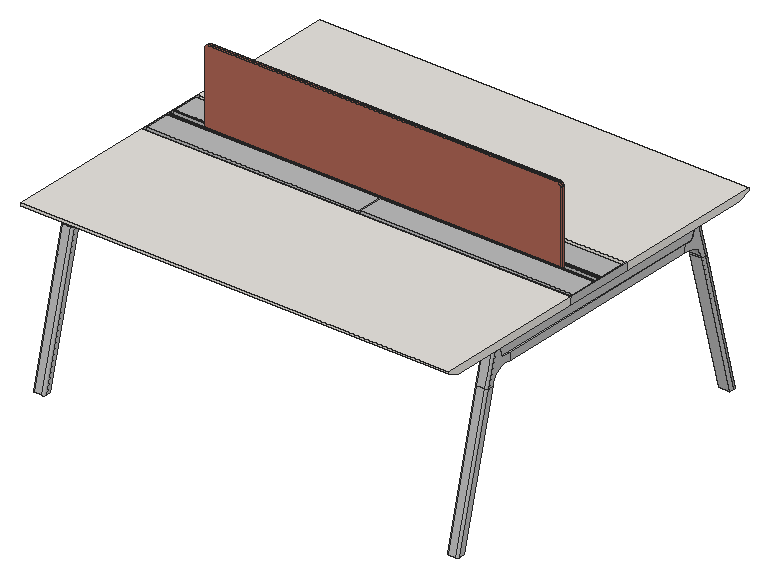
Revit family "Haworth_Intuity_Benching_DoubleSided", category Furniture Systems, Revit 2018
Family settings
  Round Connector Dimension = Use Diameter
  Part Type = Normal
  OmniClass Number = 23.40.70.14.64.21
  OmniClass Title = Systems Furniture
  Work Plane-Based = No
  Always vertical = Yes
  Cut with Voids When Loaded = No
  Shared = No
  Room Calculation Point = No
Parameters (values of type "30d 72w")
  Worksurface Finish = Haworth _ Laminate _ Linen H-WL
  Worksurface Depth = if([60 Depth], 30", 24")  # 30"
  Width = 72"
  Warranty = "http://www.haworth.com/resources/product-info/warranties"
  Utility Tray Yes = yes
  URL - Product = "http://www.haworth.com/products/workspaces/benching/intuity"
  URL = "https://www.haworth.com/na/en.html"
  Top Thickness = 1 3/16"  # constant formula
  Sustainability Info = "https://www.haworth.com/na/en/expertise/sustainability.html"
  Standard Screen Widths = "24, 30, 36, 42, 48, 54, 60 inches"  # constant formula
  Standard Bench Widths = "48, 54, 60, 66, 72 inches"  # constant formula
  Screen Yes [instance] = yes
  Screen Width = 60"
  Screen Height - 21 in. = no
  Screen Height - 13 in. = not([Screen Height - 21 in.])  # yes
  Screen Finish = Haworth _ Fabric _ Tellure _ Geranium 3A-42
  Rail Finish = Haworth _ Paint _ Metallic Silver
  Min Width = 48"  # constant formula
  Min Screen Width = 24"  # constant formula
  Max Width = 72"  # constant formula
  Max Screen Width = 60"  # constant formula
  Leg Right Straight [instance] = no
  Leg Right Shared [instance] = no
  Leg Right Offset [instance] = if(Leg Right Shared, 0", 1 1/4")  # 1 1/4"
  Leg Right None [instance] = not(or(Leg Right Straight, Leg Right Column, Leg Right Angled))  # no
  Leg Right Column [instance] = no
  Leg Right Angled [instance] = yes
  Leg Left Straight [instance] = no
  Leg Left Shared [instance] = no
  Leg Left Offset [instance] = if(Leg Left Shared, 0", 1 1/4")  # 1 1/4"
  Leg Left None [instance] = not(or(Leg Left Straight, Leg Left Column, Leg Left Angled))  # no
  Leg Left Column [instance] = no
  Leg Left Angled [instance] = yes
  Leg Height = 28"  # constant formula
  Leg Half = 1"  # constant formula
  Leg Front Offset [instance] = if(or(Leg Right Angled, Leg Left Angled), 13", 6")  # 13"
  Leg Finish = Haworth _ Paint _ Metallic Silver
  Knife Edge [instance] = or(Leg Right Angled, Leg Left Angled, not(Edgeband))  # yes
  Size = "Verify Final Dim. w/ Haworth"  # constant formula
  Revision Number = "2"  # constant formula
  Model = "Haworth - Intuity - Benching - Double Sided"  # constant formula
  Manufacturer = "Haworth"  # constant formula
  End Cap Right [instance] = and(not(Leg Right Shared), or(Leg Right Straight, Leg Right Angled))  # yes
  End Cap Offset = 1/8"  # constant formula
  End Cap Left [instance] = and(not(Leg Left Shared), or(Leg Left Straight, Leg Left Angled))  # yes
  End Cap Depth Half = if(Access Hatch Yes, 5 29/32", 1 13/32")  # 5 29/32"
  Edgeband Actual [instance] = and(Edgeband, not(or(Leg Right Angled, Leg Left Angled)))  # no
  Edgeband [instance] = no
  Description = "Haworth - Intuity - Benching - Double Sided"  # constant formula
  Custom Size = not(or(Width = 48", Width = 54", Width = 60", Width = 66", Width = 72"))  # no
  Custom Screen Size = not(or(Screen Width = 24", Screen Width = 30", Screen Width = 36", Screen Width = 42", Screen Width = 48", Screen Width = 54", Screen Width = 60"))  # no
  Beam Offset = 16 1/2"  # constant formula
  Beam Height = 2"  # constant formula
  Beam Gap = 9/16"  # constant formula
  Beam Depth = 1 1/4"  # constant formula
  Author = "Haworth (Hampton)"  # constant formula
  Assembly Code = "E2020200"
  Actual Worksurface Depth = if(Access Hatch No, Worksurface Depth, Worksurface Depth - 4 1/2")  # 25 1/2"
  Actual Width = if(Width > Max Width, Max Width, if(Width < Min Width, Min Width, Width))  # 72"
  Actual Screen Width = if(Screen Width > Max Screen Width, Max Screen Width - 1/4", if(Screen Width < Min Screen Width, Min Screen Width - 1/4", Screen Width - 1/4"))  # 59 3/4"
  Actual Height = 29 3/16"  # constant formula
  Actual Depth = if([60 Depth], 62 13/16", 50 13/16")  # 62 13/16"
  Access Plate Offset = 7/8"  # constant formula
  Access Plate Height = 3/8"  # constant formula
  Access Plate Depth = 4 1/4"  # constant formula
  Accent Plate Right [instance] = or(Leg Right Straight, Leg Right Angled)  # yes
  Accent Plate Left [instance] = or(Leg Left Straight, Leg Left Angled)  # yes
  Access Hatch Yes = yes
  Access Hatch No = not(Access Hatch Yes)  # no
  Access Hatch Finish = Haworth _ Paint _ Metallic Silver
  Accent Plate Finish = Haworth _ Paint _ Metallic Silver
  Accent Plate Depth [instance] = Actual Depth - Leg Front Offset * 2  # 36 13/16"
  60 Depth = not([48 Depth])  # yes
  48 Depth = no
Reference planes (in)
  plane 1: z = 0
  plane 2 "Center L/R": x = 8.5
  plane 3 "Left Edge": x = -27.5
  plane 4 "Right Edge": x = 44.5
  plane 5 "Support Top": z = 29.1875
  plane 6 "Center F/B": y = -7.86431
  plane 7 "Back": y = 23.54194
  plane 8 "Front": y = -39.27056
  plane 9 "Left Leg Offset": x = -26.25
  plane 10 "Right Leg Offset": x = 43.25
  plane 11 "Leg Front": y = -26.27056
  plane 12 "Leg Back": y = 10.54194
  plane 13 "End Cap Left": x = -27.375
  plane 14 "End Cap Right": x = 44.375
  plane 15 "End Cap Back": y = -1.95806
  plane 16 "End Cap Front": y = -13.77056
  plane 17: z = 28
  plane 18 "Beam 2": y = -0.86431
  plane 19 "Beam 1": y = 0.38569
  plane 20 "Beam 3": y = -14.86431
  plane 21 "Beam 4": y = -16.11431
  plane 22 "Beam Top": z = 27.4375
  plane 23 "Beam Bottom": z = 25.4375
  plane 24 "Leg Left Inside": x = -25.25
  plane 25 "Leg Right Inside": x = 42.25
  plane 26 "Access Plate Left": x = 8.375
  plane 27 "Access Plate Right": x = 8.625
  plane 28 "Access Plate 4": y = -8.73931
  plane 29 "Access Plate 1": y = -6.98931
  plane 30 "Access Plate 2": y = -2.73931
  plane 31 "Access Plate 3": y = -12.98931
  plane 32 "Access Bottom": z = 28.8125
Forms (in)
  Extrusion 1, solid, material "Haworth _ Paint _ Metallic Silver" <- "Access Hatch Finish", visible <- "End Cap Left"
    sketch origin (0, 0, 0) x (1, 0, 0) y (0, 1, 0)
      loop
        line (-27.5, -1.95806) -> (-27.5, -13.77056) -> (-27.375, -13.77056) -> (-27.375, -1.95806) -> (-27.5, -1.95806)
    from 28 to 29.1875
  Extrusion 2, solid, material "Haworth _ Paint _ Metallic Silver" <- "Access Hatch Finish", visible <- "End Cap Right"
    sketch origin (0, 0, 0) x (1, 0, 0) y (0, 1, 0)
      loop
        line (44.375, -1.95806) -> (44.375, -13.77056) -> (44.5, -13.77056) -> (44.5, -1.95806) -> (44.375, -1.95806)
    from 28 to 29.1875
  Extrusion 3, solid, material "Haworth _ Paint _ Metallic Silver" <- "Leg Finish"
    sketch origin (0, 0, 0) x (1, 0, 0) y (0, 1, 0)
      loop
        line (-25.25, 0.38569) -> (-25.25, -0.86431) -> (42.25, -0.86431) -> (42.25, 0.38569) -> (-25.25, 0.38569)
      loop
        line (-25.25, -14.86431) -> (-25.25, -16.11431) -> (42.25, -16.11431) -> (42.25, -14.86431) -> (-25.25, -14.86431)
    from 25.4375 to 27.4375
  Extrusion 4, solid, material "Haworth _ Paint _ Metallic Silver" <- "Access Hatch Finish", visible <- "Access Hatch Yes"
    sketch origin (0, 0, 0) x (1, 0, 0) y (0, 1, 0)
      loop
        line (-27.375, -2.73931) -> (-27.375, -6.98931) -> (8.375, -6.98931) -> (8.375, -2.73931) -> (-27.375, -2.73931)
      loop
        line (-27.375, -8.73931) -> (-27.375, -12.98931) -> (8.375, -12.98931) -> (8.375, -8.73931) -> (-27.375, -8.73931)
      loop
        line (8.625, -2.73931) -> (8.625, -6.98931) -> (44.375, -6.98931) -> (44.375, -2.73931) -> (8.625, -2.73931)
      loop
        line (8.625, -8.73931) -> (8.625, -12.98931) -> (44.375, -12.98931) -> (44.375, -8.73931) -> (8.625, -8.73931)
    from 28.8125 to 29.1875
Lines and regions (in)
  Masking region 1
    outline origin (0, 0, 0) x (1, 0, 0) y (0, 1, 0)
      loop
        line (-27.5, 23.54194) -> (-27.5, -39.27056) -> (44.5, -39.27056) -> (44.5, 23.54194) -> (-27.5, 23.54194)
  symbolic lines, style "Haworth", visible <- "Access Hatch Yes", detail levels fine
    curve 1: line (8.5, -8.73931, 0) -> (8.5, -13.77056, 0)
    curve 2: line (8.5, -6.98931, 0) -> (8.5, -1.95806, 0)
Dimensions and locks (in)
  "Actual Width": plane 3 "Left Edge" to plane 4 "Right Edge"
  equal spacing: plane 3 "Left Edge", plane 2 "Center L/R", plane 4 "Right Edge"
  "Actual Height": plane 5 "Support Top" to level
  equal spacing: plane 8 "Front", plane 6 "Center F/B", plane 7 "Back"
  "Actual Depth": plane 8 "Front" to plane 7 "Back"
  "Leg Left Offset": plane 3 "Left Edge" to plane 9 "Left Leg Offset"
  "Leg Right Offset": plane 10 "Right Leg Offset" to plane 4 "Right Edge"
  "Leg Front Offset": plane 7 "Back" to plane 12 "Leg Back"
  "Leg Front Offset": plane 8 "Front" to plane 11 "Leg Front"
  "End Cap Offset": plane 14 "End Cap Right" to plane 4 "Right Edge"
  "End Cap Offset": plane 3 "Left Edge" to plane 13 "End Cap Left"
  "End Cap Depth Half": plane 16 "End Cap Front" to plane 6 "Center F/B"
  "End Cap Depth Half": plane 15 "End Cap Back" to plane 6 "Center F/B"
  "Top Thickness": plane 5 "Support Top" to plane 17
  equal spacing: plane 21 "Beam 4", plane 6 "Center F/B", plane 19 "Beam 1"
  "Beam Offset": plane 21 "Beam 4" to plane 19 "Beam 1"
  "Beam Depth": plane 19 "Beam 1" to plane 18 "Beam 2"
  "Beam Depth": plane 21 "Beam 4" to plane 20 "Beam 3"
  "Beam Gap": plane 17 to plane 22 "Beam Top"
  "Beam Height": plane 22 "Beam Top" to plane 23 "Beam Bottom"
  "Leg Half": plane 9 "Left Leg Offset" to plane 24 "Leg Left Inside"
  "Leg Half": plane 25 "Leg Right Inside" to plane 10 "Right Leg Offset"
  "End Cap Offset": plane 26 "Access Plate Left" to plane 2 "Center L/R"
  "End Cap Offset": plane 2 "Center L/R" to plane 27 "Access Plate Right"
  "Access Plate Offset": plane 6 "Center F/B" to plane 28 "Access Plate 4"
  "Access Plate Offset": plane 29 "Access Plate 1" to plane 6 "Center F/B"
  "Access Plate Depth": plane 29 "Access Plate 1" to plane 30 "Access Plate 2"
  "Access Plate Depth": plane 28 "Access Plate 4" to plane 31 "Access Plate 3"
  "Access Plate Height": plane 5 "Support Top" to plane 32 "Access Bottom"
  aligned and locked: Masking region 1 sketch curve to plane 3 "Left Edge"
  aligned and locked: Masking region 1 sketch curve to plane 4 "Right Edge"
  aligned and locked: Masking region 1 sketch curve to plane 7 "Back"
  aligned and locked: Masking region 1 sketch curve to plane 8 "Front"
  aligned and locked: plane 2 "Center L/R" to nested 1
  aligned and locked: plane 8 "Front" to nested 1
  aligned and locked: plane 7 "Back" to nested 2
  aligned and locked: nested 2 to plane 2 "Center L/R"
  aligned and locked: plane 9 "Left Leg Offset" to nested 3
  aligned and locked: nested 6 to plane 10 "Right Leg Offset"
  aligned and locked: plane 11 "Leg Front" to nested 6
  aligned and locked: plane 12 "Leg Back" to nested 4
  aligned and locked: nested 4 to plane 9 "Left Leg Offset"
  aligned and locked: plane 12 "Leg Back" to nested 5
  aligned and locked: plane 10 "Right Leg Offset" to nested 5
  aligned and locked: plane 11 "Leg Front" to nested 7
  aligned and locked: plane 9 "Left Leg Offset" to nested 7
  aligned and locked: plane 12 "Leg Back" to nested 8
  aligned and locked: nested 8 to plane 9 "Left Leg Offset"
  aligned and locked: plane 12 "Leg Back" to nested 10
  aligned and locked: plane 10 "Right Leg Offset" to nested 10
  aligned and locked: plane 11 "Leg Front" to nested 9
  aligned and locked: nested 9 to plane 10 "Right Leg Offset"
  aligned and locked: plane 11 "Leg Front" to nested 3
  aligned and locked: plane 9 "Left Leg Offset" to nested 11
  aligned and locked: plane 6 "Center F/B" to nested 11
  aligned and locked: nested 12 to plane 10 "Right Leg Offset"
  aligned and locked: plane 6 "Center F/B" to nested 12
  aligned and locked: plane 2 "Center L/R" to nested 13
  aligned and locked: plane 6 "Center F/B" to nested 13
  aligned and locked: Extrusion 1 sketch curve to plane 15 "End Cap Back"
  aligned and locked: Extrusion 1 sketch curve to plane 16 "End Cap Front"
  aligned and locked: Extrusion 1 sketch curve to plane 13 "End Cap Left"
  aligned and locked: Extrusion 1 sketch curve to plane 3 "Left Edge"
  aligned and locked: Extrusion 2 sketch curve to plane 15 "End Cap Back"
  aligned and locked: Extrusion 2 sketch curve to plane 16 "End Cap Front"
  aligned and locked: Extrusion 2 sketch curve to plane 14 "End Cap Right"
  aligned and locked: Extrusion 2 sketch curve to plane 4 "Right Edge"
  aligned and locked: plane 5 "Support Top" to Extrusion 1
  aligned and locked: plane 5 "Support Top" to Extrusion 2
  aligned and locked: Extrusion 2 to plane 17
  aligned and locked: Extrusion 1 to plane 17
  aligned and locked: plane 24 "Leg Left Inside" to Extrusion 3 sketch curve  (x2)
  aligned and locked: plane 25 "Leg Right Inside" to Extrusion 3 sketch curve  (x2)
  aligned and locked: Extrusion 3 sketch curve to plane 19 "Beam 1"
  aligned and locked: plane 18 "Beam 2" to Extrusion 3 sketch curve
  aligned and locked: plane 20 "Beam 3" to Extrusion 3 sketch curve
  aligned and locked: Extrusion 3 sketch curve to plane 21 "Beam 4"
  aligned and locked: plane 22 "Beam Top" to Extrusion 3
  aligned and locked: Extrusion 3 to plane 23 "Beam Bottom"
  aligned and locked: plane 31 "Access Plate 3" to Extrusion 4 sketch curve  (x2)
  aligned and locked: Extrusion 4 sketch curve to plane 28 "Access Plate 4"  (x2)
  aligned and locked: Extrusion 4 sketch curve to plane 29 "Access Plate 1"  (x2)
  aligned and locked: plane 30 "Access Plate 2" to Extrusion 4 sketch curve  (x2)
  aligned and locked: Extrusion 4 sketch curve to plane 27 "Access Plate Right"  (x2)
  aligned and locked: Extrusion 4 sketch curve to plane 26 "Access Plate Left"  (x2)
  aligned and locked: plane 14 "End Cap Right" to Extrusion 4 sketch curve  (x2)
  aligned and locked: plane 13 "End Cap Left" to Extrusion 4 sketch curve  (x2)
  aligned and locked: plane 5 "Support Top" to Extrusion 4
  aligned and locked: Extrusion 4 to plane 32 "Access Bottom"
  aligned and locked: curve 1 to plane 2 "Center L/R"
  aligned and locked: plane 28 "Access Plate 4" to curve 1
  aligned and locked: plane 2 "Center L/R" to curve 2
  aligned and locked: plane 29 "Access Plate 1" to curve 2
  aligned and locked: plane 15 "End Cap Back" to curve 2
  aligned and locked: plane 16 "End Cap Front" to curve 1
  aligned and locked: plane 2 "Center L/R" to nested 14
  aligned and locked: nested 14 to plane 6 "Center F/B"
  aligned and locked: plane 6 "Center F/B" to nested 15
  aligned and locked: plane 6 "Center F/B" to nested 16
  aligned and locked: nested 16 to plane 10 "Right Leg Offset"
  aligned and locked: plane 9 "Left Leg Offset" to nested 15
  aligned and locked: plane 6 "Center F/B" to nested 17
Nested families (in)
  nested 1: "Haworth_Intuity_Worksurfaces" at (0, -18.65625, 28), built-in parameter 1001364 <- "Leg Height", type "Top"
    with Knife Edge Void End 78", Actual Width 72", Actual Depth 25 1/2"
  nested 2: "Haworth_Intuity_Worksurfaces" at (17, 2.92763, 28) x (-1, 0, 0) z (0, 0, 1), built-in parameter 1001364 <- "Leg Height", type "Top"
    with Knife Edge Void End 78", Actual Width 72", Actual Depth 25 1/2"
  nested 3: "Haworth_Intuity_Angled_Leg" at (-34.75, -18.40625, 0), visible <- "Leg Left Angled", type "Support"
  nested 4: "Haworth_Intuity_Angled_Leg" at (-17.75, 2.67763, 0) x (-1, 0, 0) z (0, 0, 1), visible <- "Leg Left Angled", type "Support"
  nested 5: "Haworth_Intuity_Angled_Leg" at (51.75, 2.67763, 0) x (-1, 0, 0) z (0, 0, 1), visible <- "Leg Right Angled", type "Support"
  nested 6: "Haworth_Intuity_Angled_Leg" at (34.75, -18.40625, 0), visible <- "Leg Right Angled", type "Support"
  nested 7: "Haworth_Intuity_Straight_Leg" at (-34.75, -18.40625, 0), visible <- "Leg Left Straight", type "Support"
  nested 8: "Haworth_Intuity_Straight_Leg" at (-17.75, 2.67763, 0) x (-1, 0, 0) z (0, 0, 1), visible <- "Leg Left Straight", type "Support"
  nested 9: "Haworth_Intuity_Straight_Leg" at (34.75, -18.40625, 0), visible <- "Leg Right Straight", type "Support"
  nested 10: "Haworth_Intuity_Straight_Leg" at (51.75, 2.67763, 0) x (-1, 0, 0) z (0, 0, 1), visible <- "Leg Right Straight", type "Support"
  nested 11: "Haworth_Intuity_Accent_Plate" at (-34.75, 2.78125, 0), visible <- "Accent Plate Left", type "Support"
    with Support Depth 36 13/16"
  nested 12: "Haworth_Intuity_Accent_Plate" at (34.75, 2.78125, 0), visible <- "Accent Plate Right", type "Support"
    with Support Depth 36 13/16"
  nested 13: "Haworth_Intuity_Rail" at (0, 2.78125, 0), Right Shared Leg <- "Leg Right Shared", Left Shared Leg <- "Leg Left Shared", type "Rail"
    with Right Shared Leg no, Right Offset 1/8", Left Shared Leg no, Left Offset 1/8", Worsurface Length 72"
  nested 14: "Haworth_Intuity_Utility_Tray" at (0, 13.375, -0.3125), visible <- "Utility Tray Yes", type "Tray"
  nested 15: "Haworth_Intuity_Column_Leg" at (-34.75, 2.78125, 0), visible <- "Leg Left Column", type "Support"
  nested 16: "Haworth_Intuity_Column_Leg" at (34.75, 2.78125, 0), visible <- "Leg Right Column", type "Support"
  nested 17: "Haworth_Intuity_Screens" at (0, 0, 28.25), visible <- "Screen Yes", type "Screen"
    with Actual Height 13 13/32", 21 H no, 13 H yes
Definition of nested family "Haworth_Intuity_Worksurfaces"
  Parameters
    Warranty = "http://www.haworth.com/bottom-nav/product-info/warranty-info"
    URL - Product = "http://www.haworth.com/home/systems/benching/intuity"
    URL = "www.haworth.com"
    Knife Edge Void Start = 3"  # constant formula
    Knife Edge Void End = if(Knife Edge, Actual Width + 6", 2")  # 54"
    Knife Edge = not(Edgeband)  # yes
    Finish = none
    Size = "Verify Final Dim. w/ Haworth"  # constant formula
    Revision Number = "1"  # constant formula
    Model = "Haworth_Intuity_Worksurfaces"  # constant formula
    Manufacturer = "Haworth"  # constant formula
    Edgeband = no
    Description = "Haworth_Intuity_Worksurfaces"
    Author = "Haworth (Hampton)"  # constant formula
    Assembly Code = "E2020200"
    Actual Width = 48"
    Actual Height = 1 3/16"  # constant formula
    Actual Depth = 24"
  Reference planes (in)
    plane 1: z = 0
    plane 2 "Center L/R": x = 8.5
    plane 3 "Left Edge": x = -15.5
    plane 4 "Right Edge": x = 32.5
    plane 5 "Support Top": z = 1.1875
    plane 6 "Center F/B": y = -7.86431
    plane 7 "Back": y = 4.13569
    plane 8 "Front": y = -19.86431
    plane 9 "Knife Edge": y = -17.86431
    plane 10 "Knife Edge Seam": z = 0.8125
    plane 11 "Void Left": x = -18.5
    plane 12 "Void Right": x = 35.5
  Forms (in)
    Extrusion 1, solid, material <- "Finish"
      sketch origin (0, 0, 0) x (1, 0, 0) y (0, 1, 0)
        loop
          line (-15.5, 4.13569) -> (-15.5, -19.86431) -> (32.5, -19.86431) -> (32.5, 4.13569) -> (-15.5, 4.13569)
      from 0 to 1.1875
    Extrusion 2, void
      sketch origin (-15.5, 0, 0) x (0, -1, 0) y (0, 0, 1)
        loop
          line (17.86431, 0) -> (17.86431, -0.31399) -> (20.36431, -0.31399) -> (20.36431, 0.8125) -> (19.86431, 0.8125) -> (17.86431, 0)
      from -51 to 3
  Cuts and joins
    Extrusion 2 cuts Extrusion 1
  Lines and regions (in)
    Masking region 1
      outline origin (0, 0, 0) x (1, 0, 0) y (0, 1, 0)
        loop
          line (-15.5, 4.13569) -> (-15.5, -19.86431) -> (32.5, -19.86431) -> (32.5, 4.13569) -> (-15.5, 4.13569)
    symbolic lines
      curve 1: line (-15.5, 4.13569, 0) -> (-15.5, -19.86431, 0)
      curve 2: line (-15.5, -19.86431, 0) -> (32.5, -19.86431, 0)
      curve 3: line (32.5, -19.86431, 0) -> (32.5, 4.13569, 0)
      curve 4: line (32.5, 4.13569, 0) -> (-15.5, 4.13569, 0)
  Dimensions and locks (in)
    "Actual Width": plane 3 "Left Edge" to plane 4 "Right Edge"
    equal spacing: plane 3 "Left Edge", plane 2 "Center L/R", plane 4 "Right Edge"
    "Actual Height": plane 5 "Support Top" to level
    equal spacing: plane 8 "Front", plane 6 "Center F/B", plane 7 "Back"
    "Actual Depth": plane 8 "Front" to plane 7 "Back"
    locked: plane 8 "Front" to plane 9 "Knife Edge" at 2
    locked: plane 5 "Support Top" to plane 10 "Knife Edge Seam" at 0.375
    "Knife Edge Void Start": plane 11 "Void Left" to plane 3 "Left Edge"
    "Knife Edge Void End": plane 11 "Void Left" to plane 12 "Void Right"
    aligned and locked: Masking region 1 sketch curve to plane 3 "Left Edge"
    aligned and locked: Masking region 1 sketch curve to plane 4 "Right Edge"
    aligned and locked: Masking region 1 sketch curve to plane 7 "Back"
    aligned and locked: Masking region 1 sketch curve to plane 8 "Front"
    aligned and locked: Extrusion 1 sketch curve to plane 4 "Right Edge"
    aligned and locked: Extrusion 1 sketch curve to plane 3 "Left Edge"
    aligned and locked: Extrusion 1 sketch curve to plane 7 "Back"
    aligned and locked: Extrusion 1 sketch curve to plane 8 "Front"
    aligned and locked: Extrusion 1 to plane 1
    aligned and locked: plane 5 "Support Top" to Extrusion 1
    aligned and locked: cut or joined group of Extrusion 1, Extrusion 2 to plane 12 "Void Right"
    aligned and locked: plane 11 "Void Left" to Extrusion 2
    aligned and locked: plane 4 "Right Edge" to curve 3
    aligned and locked: plane 7 "Back" to curve 4
    aligned and locked: plane 3 "Left Edge" to curve 1
    aligned and locked: plane 8 "Front" to curve 2
  Automatic sketch dimensions
    Extrusion 2 sketch curve to level = 0"
    Extrusion 2 sketch curve to plane 9 "Knife Edge" = 0"
    Extrusion 2 sketch curve to plane 8 "Front" = 0"
    Extrusion 2 sketch curve to plane 10 "Knife Edge Seam" = 0"
    plane 8 "Front" to Extrusion 2 sketch curve = 1/2"
    Extrusion 2 sketch curve to level = 0.31399"
Definition of nested family "Haworth_Intuity_Angled_Leg"
  Parameters
    URL = "www.haworth.com"
    Support Thickness = 2"  # constant formula
    Support Inset = 1/4"  # constant formula
    Support Height = 28"  # constant formula
    Support Finish = none
    Size = "Verify Final Dim. w/ Haworth"  # constant formula
    Revision Number = "1"  # constant formula
    Model = "Haworth_Intuity_Angled_Leg"  # constant formula
    Manufacturer = "Haworth"  # constant formula
    Description = "Haworth_Intuity_Angled_Leg"
    Author = "Haworth (Hampton)"  # constant formula
    Assembly Code = "E2020200"
    Actual Depth = 10 3/4"  # constant formula
  Reference planes (in)
    plane 1: z = 0
    plane 2 "Center L/R": x = 8.5
    plane 3 "Support Left Edge": x = 7.5
    plane 4 "Support Right Edge": x = 9.5
    plane 5 "Support Top": z = 28
    plane 6 "Center F/B": y = -7.86431
    plane 7 "Inset Left": x = 7.75
    plane 8 "Inset Right": x = 9.25
    plane 9 "Front": y = -18.60273
  Forms (in)
    Extrusion 1, solid, material <- "Support Finish"
      sketch origin (7.5, 0, 0) x (0, -1, 0) y (0, 0, 1)
        loop
          line (18.60273, 0) -> (12.61969, 22.70402) -> (11.40102, 22.70402) -> (17.38407, 0) -> (18.60273, 0)
      from -2 to 0
    Extrusion 2, solid, material <- "Support Finish"
      sketch origin (7.5, 0, 0) x (0, -1, 0) y (0, 0, 1)
        loop
          line (12.61969, 22.70402) -> (11.20064, 28) -> (9.99113, 28) -> (9.63452, 26.66908)
          arc (9.63452, 26.66908) -> (9.41129, 26.335) -> (9.03081, 26.20584) r 0.625
          line (9.03081, 26.20584) -> (7.86431, 26.20584) -> (7.86431, 25.0255) -> (8.76475, 25.0255)
          arc (8.76475, 25.0255) -> (10.36275, 24.48305) -> (11.30031, 23.0799) r 2.625
          line (11.30031, 23.0799) -> (11.40102, 22.70402) -> (12.61969, 22.70402)
      from -2 to 0
    Extrusion 3, void
      sketch origin (0, -0.61412, -4.74042) x (1, 0, 0) y (0, 0.966987, -0.254824)
        loop
          line (9.125, -18.60273) -> (7.875, -18.60273)
          arc (7.875, -18.60273) -> (7.60983, -18.4929) -> (7.5, -18.22773) r 0.375
          line (7.5, -18.22773) -> (7.18721, -18.74452) -> (9.81279, -18.74452) -> (9.5, -18.22773)
          arc (9.5, -18.22773) -> (9.39017, -18.4929) -> (9.125, -18.60273) r 0.375
      from 0 to 30.3576
  Cuts and joins
    Extrusion 3 cuts Extrusion 1
    Extrusion 3 cuts Extrusion 2
  Lines and regions (in)
    symbolic lines, detail levels medium+fine
      curve 1: line (7.5, -7.86431, 0) -> (9.5, -7.86431, 0)
      curve 2: line (7.5, -18.60273, 0) -> (7.5, -7.86431, 0)
      curve 3: line (9.5, -18.60273, 0) -> (7.5, -18.60273, 0)
      curve 4: line (9.5, -7.86431, 0) -> (9.5, -18.60273, 0)
  Dimensions and locks (in)
    "Support Thickness": plane 3 "Support Left Edge" to plane 4 "Support Right Edge"
    equal spacing: plane 3 "Support Left Edge", plane 2 "Center L/R", plane 4 "Support Right Edge"
    "Support Height": plane 5 "Support Top" to level
    "Support Inset": plane 3 "Support Left Edge" to plane 7 "Inset Left"
    "Support Inset": plane 8 "Inset Right" to plane 4 "Support Right Edge"
    aligned and locked: plane 4 "Support Right Edge" to Extrusion 2
    aligned and locked: plane 3 "Support Left Edge" to Extrusion 2
    aligned and locked: plane 4 "Support Right Edge" to Extrusion 1
    aligned and locked: plane 3 "Support Left Edge" to Extrusion 1
  Automatic sketch dimensions
    Extrusion 1 sketch curve to level = 0"
    Extrusion 1 sketch curve to plane 6 "Center F/B" = 3.53671"
    Extrusion 1 sketch curve to Extrusion 1 sketch curve = 1.21867"  (x2)
    Extrusion 2 sketch curve to plane 6 "Center F/B" = 0"
    Extrusion 2 sketch curve to plane 5 "Support Top" = 0"
    Extrusion 2 sketch curve to plane 6 "Center F/B" = 1.1665"
    Extrusion 2 sketch curve to plane 6 "Center F/B" = 0.90044"
    Extrusion 2 sketch curve to Extrusion 2 sketch curve = 0.6037"
    Extrusion 2 sketch curve to Extrusion 2 sketch curve = 0.35662"
    Extrusion 2 sketch curve to Extrusion 2 sketch curve = 2.53556"
    Extrusion 2 sketch curve to Extrusion 2 sketch curve = 1.2095"
    Extrusion 2 sketch curve to Extrusion 2 sketch curve = 0.10072"
    Extrusion 2 sketch curve to Extrusion 2 sketch curve = 1.21867"
    Extrusion 2 sketch curve to Extrusion 2 sketch curve = 0.16176"
    Extrusion 2 sketch curve to Extrusion 2 sketch curve = 1.18035"
    Extrusion 2 sketch curve to Extrusion 2 sketch curve = 1.9456"
    Extrusion 2 sketch curve to Extrusion 2 sketch curve = 0.37588"
    Extrusion 1 sketch curve to plane 6 "Center F/B" = 9.51976"
    Extrusion 1 sketch curve to plane 5 "Support Top" = 5.29598"
    Extrusion 2 sketch curve to plane 5 "Support Top" = 1.16916"
    plane 3 "Support Left Edge" to curve 3 = 0"
    plane 4 "Support Right Edge" to curve 3 = 0"
    curve 3 to plane 6 "Center F/B" = 10.73842"
    plane 6 "Center F/B" to curve 2 = 0"
    Extrusion 3 sketch curve to plane 3 "Support Left Edge" = 0"
    Extrusion 3 sketch curve to plane 4 "Support Right Edge" = 0"
    plane 3 "Support Left Edge" to Extrusion 3 sketch curve = 0.31279"
    plane 7 "Inset Left" to Extrusion 3 sketch curve = 1/8"
    plane 8 "Inset Right" to Extrusion 3 sketch curve = 1/8"
    plane 4 "Support Right Edge" to Extrusion 3 sketch curve = 0.31279"
    Extrusion 3 sketch curve to Extrusion 3 sketch curve = 0.14179"
Definition of nested family "Haworth_Intuity_Straight_Leg"
  Parameters
    URL = "www.haworth.com"
    Top Height = 5 19/64"  # constant formula
    Support Thickness = 2"  # constant formula
    Support Inset = 1/4"  # constant formula
    Support Height = 28"  # constant formula
    Support Finish = none
    Size = "Verify Final Dim. w/ Haworth"  # constant formula
    Revision Number = "1"  # constant formula
    Model = "Haworth_Intuity_Straight_Leg"  # constant formula
    Manufacturer = "Haworth"  # constant formula
    Leg Depth = 1 1/4"  # constant formula
    Description = "Haworth_Intuity_Straight_Leg"
    Author = "Haworth (Hampton)"  # constant formula
    Assembly Code = "E2020200"
    Actual Depth = 3 11/16"  # constant formula
  Reference planes (in)
    plane 1: z = 0
    plane 2 "Center L/R": x = 8.5
    plane 3 "Support Left Edge": x = 7.5
    plane 4 "Support Right Edge": x = 9.5
    plane 5 "Support Top": z = 28
    plane 6 "Center F/B": y = -7.86431
    plane 7 "Leg Outside": y = -11.55181
    plane 8 "Leg Inside": y = -10.30181
    plane 9: z = 22.70313
  Forms (in)
    Extrusion 1, solid, material <- "Support Finish"
      sketch origin (7.5, 0, 0) x (0, -1, 0) y (0, 0, 1)
        loop
          line (11.82451, 22.70313) -> (11.82451, 28) -> (10.24113, 28) -> (9.88452, 26.66908)
          arc (9.88452, 26.66908) -> (9.66129, 26.335) -> (9.28081, 26.20584) r 0.625
          line (9.28081, 26.20584) -> (7.86431, 26.20584) -> (7.86431, 25.0255) -> (8.30181, 25.0255)
          arc (8.30181, 25.0255) -> (9.71602, 24.43971) -> (10.30181, 23.0255) r 2
          line (10.30181, 23.0255) -> (10.30181, 22.70313) -> (11.82451, 22.70313)
      from -2 to 0
    Extrusion 2, solid, material <- "Support Finish"
      sketch origin (0, 0, 0) x (1, 0, 0) y (0, 1, 0)
        loop
          line (7.5, -10.30181) -> (7.5, -11.17681)
          arc (7.5, -11.17681) -> (7.60983, -11.44198) -> (7.875, -11.55181) r 0.375
          line (7.875, -11.55181) -> (9.125, -11.55181)
          arc (9.125, -11.55181) -> (9.39017, -11.44198) -> (9.5, -11.17681) r 0.375
          line (9.5, -11.17681) -> (9.5, -10.30181) -> (7.5, -10.30181)
      from 0 to 22.70313
    Extrusion 3, void
      sketch origin (0, 0, 0) x (1, 0, 0) y (0, 1, 0)
        loop
          line (7.5, -11.17681) -> (7.17397, -11.17681) -> (7.17397, -11.92681) -> (9.82603, -11.92681) -> (9.82603, -11.17681) -> (9.5, -11.17681)
          arc (9.5, -11.17681) -> (9.39017, -11.44198) -> (9.125, -11.55181) r 0.375
          line (9.125, -11.55181) -> (7.875, -11.55181)
          arc (7.875, -11.55181) -> (7.60983, -11.44198) -> (7.5, -11.17681) r 0.375
      from 20.66853 to 28
  Cuts and joins
    Extrusion 3 cuts Extrusion 2
    Extrusion 3 cuts Extrusion 1
  Lines and regions (in)
    symbolic lines, detail levels medium+fine
      curve 1: line (7.5, -7.86431, 0) -> (9.5, -7.86431, 0)
      curve 2: line (7.5, -11.55181, 0) -> (7.5, -7.86431, 0)
      curve 3: line (9.5, -11.55181, 0) -> (7.5, -11.55181, 0)
      curve 4: line (9.5, -7.86431, 0) -> (9.5, -11.55181, 0)
  Dimensions and locks (in)
    "Support Thickness": plane 3 "Support Left Edge" to plane 4 "Support Right Edge"
    equal spacing: plane 3 "Support Left Edge", plane 2 "Center L/R", plane 4 "Support Right Edge"
    "Support Height": plane 5 "Support Top" to level
    "Actual Depth": plane 6 "Center F/B" to plane 7 "Leg Outside"
    "Leg Depth": plane 8 "Leg Inside" to plane 7 "Leg Outside"
    "Top Height": plane 5 "Support Top" to plane 9
    aligned and locked: plane 4 "Support Right Edge" to Extrusion 1
    aligned and locked: plane 3 "Support Left Edge" to Extrusion 1
    aligned and locked: Extrusion 2 sketch curve to plane 4 "Support Right Edge"
    aligned and locked: Extrusion 2 sketch curve to plane 3 "Support Left Edge"
    aligned and locked: Extrusion 2 sketch curve to plane 8 "Leg Inside"
    aligned and locked: plane 7 "Leg Outside" to Extrusion 2 sketch curve
    aligned and locked: Extrusion 2 to level
    aligned and locked: plane 9 to Extrusion 2
    aligned and locked: plane 5 "Support Top" to Extrusion 3
    aligned and locked: cut or joined group of Extrusion 1, Extrusion 3 to plane 9
    aligned and locked: plane 7 "Leg Outside" to curve 3
  Automatic sketch dimensions
    plane 3 "Support Left Edge" to curve 3 = 0"
    plane 4 "Support Right Edge" to curve 3 = 0"
    plane 6 "Center F/B" to curve 2 = 0"
    Extrusion 1 sketch curve to plane 6 "Center F/B" = 0"
    Extrusion 1 sketch curve to plane 5 "Support Top" = 0"
    Extrusion 1 sketch curve to plane 6 "Center F/B" = 7/16"
    Extrusion 1 sketch curve to plane 6 "Center F/B" = 1.4165"
    Extrusion 1 sketch curve to Extrusion 1 sketch curve = 0.6037"
    Extrusion 1 sketch curve to Extrusion 1 sketch curve = 0.35662"
    Extrusion 1 sketch curve to Extrusion 1 sketch curve = 2"
    Extrusion 1 sketch curve to Extrusion 1 sketch curve = 1.58337"
    Extrusion 1 sketch curve to plane 5 "Support Top" = 1.16916"
    Extrusion 1 sketch curve to Extrusion 1 sketch curve = 0.16176"
    Extrusion 1 sketch curve to Extrusion 1 sketch curve = 1.18035"
    Extrusion 1 sketch curve to Extrusion 1 sketch curve = 0.32237"
    Extrusion 3 sketch curve to plane 3 "Support Left Edge" = 0"
    Extrusion 3 sketch curve to plane 7 "Leg Outside" = 0"
    Extrusion 3 sketch curve to plane 4 "Support Right Edge" = 0"
    plane 3 "Support Left Edge" to Extrusion 3 sketch curve = 0.32603"
    plane 4 "Support Right Edge" to Extrusion 3 sketch curve = 0.32603"
    Extrusion 3 sketch curve to plane 7 "Leg Outside" = 3/8"
    Extrusion 2 sketch curve to plane 3 "Support Left Edge" = 3/8"
    Extrusion 3 sketch curve to plane 3 "Support Left Edge" = 3/8"
    Extrusion 2 sketch curve to plane 4 "Support Right Edge" = 3/8"
    Extrusion 3 sketch curve to plane 4 "Support Right Edge" = 3/8"
Definition of nested family "Haworth_Intuity_Accent_Plate"
  Parameters
    URL = "www.haworth.com"
    Support Thickness = 2"  # constant formula
    Support Inset = 1/4"  # constant formula
    Support Height = 28"  # constant formula
    Support Finish = none
    Support Depth = 16"
    Size = "Verify Final Dim. w/ Haworth"  # constant formula
    Revision Number = "1"  # constant formula
    Plate Offset = 2 3/8"  # constant formula
    Model = "Haworth_Intuity_Accent_Plate"  # constant formula
    Manufacturer = "Haworth"  # constant formula
    Leg Depth = 1 1/4"  # constant formula
    Description = "Haworth_Intuity_Accent_Plate"
    Author = "Haworth (Hampton)"  # constant formula
    Assembly Code = "E2020200"
    Actual Depth = 3 11/16"  # constant formula
    Access Plate Finish = none
  Reference planes (in)
    plane 1: z = 0
    plane 2 "Center L/R": x = 8.5
    plane 3 "Support Left Edge": x = 7.5
    plane 4 "Support Right Edge": x = 9.5
    plane 5 "Support Top": z = 28
    plane 6 "Center F/B": y = -10.64556
    plane 7 "Leg Inside": y = -18.64556
    plane 8 "Plate Middle": z = 26.20584
    plane 9 "Plate Bottom": z = 25.0255
    plane 10 "Leg Inside Back": y = -2.64556
    plane 11 "Plate Left": x = 7.75
    plane 12 "Plate Right": x = 9.25
    plane 13 "Plate Front": y = -21.02056
    plane 14 "Plate End": y = -0.27056
  Forms (in)
    Extrusion 1, solid, material <- "Support Finish"
      sketch origin (8.5, 0, 0) x (0, 1, 0) y (0, 0, 1)
        loop
          line (-18.64556, 26.20584) -> (-18.64556, 25.0255) -> (-2.64556, 25.0255) -> (-2.64556, 26.20584) -> (-18.64556, 26.20584)
      from -1 to 1
    Extrusion 2, solid, material <- "Access Plate Finish"
      sketch origin (8.5, 0, 0) x (0, 1, 0) y (0, 0, 1)
        loop
          line (-21.02056, 28) -> (-20.66394, 26.66908)
          arc (-20.66394, 26.66908) -> (-20.44071, 26.335) -> (-20.06024, 26.20584) r 0.625
          line (-20.06024, 26.20584) -> (-1.23088, 26.20584)
          arc (-1.23088, 26.20584) -> (-0.85041, 26.335) -> (-0.62718, 26.66908) r 0.625
          line (-0.62718, 26.66908) -> (-0.27056, 28) -> (-21.02056, 28)
      from -0.75 to 0.75
  Lines and regions (in)
    symbolic lines, detail levels medium+fine
      curve 1: line (7.5, -0.27056, 0) -> (9.5, -0.27056, 0)
      curve 2: line (7.5, -21.02056, 0) -> (7.5, -0.27056, 0)
      curve 3: line (9.5, -21.02056, 0) -> (7.5, -21.02056, 0)
      curve 4: line (9.5, -0.27056, 0) -> (9.5, -21.02056, 0)
  Dimensions and locks (in)
    "Support Thickness": plane 3 "Support Left Edge" to plane 4 "Support Right Edge"
    equal spacing: plane 3 "Support Left Edge", plane 2 "Center L/R", plane 4 "Support Right Edge"
    "Support Height": plane 5 "Support Top" to level
    locked: plane 5 "Support Top" to plane 8 "Plate Middle" at 1.79416
    locked: plane 8 "Plate Middle" to plane 9 "Plate Bottom" at 1.18035
    equal spacing: plane 10 "Leg Inside Back", plane 6 "Center F/B", plane 7 "Leg Inside"
    "Support Depth": plane 7 "Leg Inside" to plane 10 "Leg Inside Back"
    locked: plane 3 "Support Left Edge" to plane 11 "Plate Left" at 0.25
    locked: plane 12 "Plate Right" to plane 4 "Support Right Edge" at 0.25
    "Plate Offset": plane 13 "Plate Front" to plane 7 "Leg Inside"
    "Plate Offset": plane 10 "Leg Inside Back" to plane 14 "Plate End"
    aligned and locked: plane 7 "Leg Inside" to Extrusion 1 sketch curve
    aligned and locked: plane 10 "Leg Inside Back" to Extrusion 1 sketch curve
    aligned and locked: Extrusion 1 sketch curve to plane 8 "Plate Middle"
    aligned and locked: plane 9 "Plate Bottom" to Extrusion 1 sketch curve
    aligned and locked: plane 3 "Support Left Edge" to Extrusion 1
    aligned and locked: plane 4 "Support Right Edge" to Extrusion 1
    aligned and locked: Extrusion 2 sketch curve to plane 8 "Plate Middle"
    aligned and locked: Extrusion 2 sketch curve to plane 5 "Support Top"
    aligned and locked: Extrusion 2 to plane 11 "Plate Left"
    aligned and locked: Extrusion 2 to plane 12 "Plate Right"
    aligned and locked: plane 14 "Plate End" to curve 1
    aligned and locked: plane 13 "Plate Front" to curve 3
  Automatic sketch dimensions
    Extrusion 2 sketch curve to plane 13 "Plate Front" = 0"
    Extrusion 2 sketch curve to plane 14 "Plate End" = 0"
    plane 13 "Plate Front" to Extrusion 2 sketch curve = 0.35662"
    Extrusion 2 sketch curve to Extrusion 2 sketch curve = 0.6037"
    plane 14 "Plate End" to Extrusion 2 sketch curve = 0.96032"
    plane 14 "Plate End" to Extrusion 2 sketch curve = 0.35662"
    plane 8 "Plate Middle" to Extrusion 2 sketch curve = 0.46324"  (x2)
    curve 3 to plane 3 "Support Left Edge" = 0"
    curve 3 to plane 4 "Support Right Edge" = 0"
Definition of nested family "Haworth_Intuity_Rail"
  Parameters
    Worsurface Height = 1 3/16"  # constant formula
    URL = "www.haworth.com"
    Worsurface Length = 48"
    Support Height = 28"  # constant formula
    Right Shared Leg [instance] = no
    Right Offset [instance] = if(Right Shared Leg, 0", 1/8")  # 1/8"
    Rail Finish = none
    Rail Depth = 1 1/2"  # constant formula
    Size = "Verify Final Dim. w/ Haworth"  # constant formula
    Revision Number = "1"  # constant formula
    Model = "Haworth_Intuity_Rail"  # constant formula
    Manufacturer = "Haworth"  # constant formula
    Left Shared Leg [instance] = no
    Left Offset [instance] = if(Left Shared Leg, 0", 1/8")  # 1/8"
    Description = "Haworth_Intuity_Rail"
    Author = "Haworth (Hampton)"  # constant formula
    Assembly Code = "E2020200"
  Reference planes (in)
    plane 1: z = 0
    plane 2 "Center L/R": x = 8.5
    plane 3 "Support Left Edge": x = -15.5
    plane 4 "Support Right Edge": x = 32.5
    plane 5 "Support Top": z = 28
    plane 6 "Center F/B": y = -10.64556
    plane 7 "Leg Inside": y = -11.39556
    plane 8 "Top Top": z = 29.1875
    plane 9 "Leg Inside Back": y = -9.89556
    plane 10 "Plate Left": x = -15.375
    plane 11 "Plate Right": x = 32.375
    plane 12: z = 28.1875
  Forms (in)
    Extrusion 1, solid, material <- "Rail Finish"
      sketch origin (8.5, 0, 0) x (0, 1, 0) y (0, 0, 1)
        loop
          line (-11.39556, 29.1875) -> (-11.39556, 28.1875) -> (-9.89556, 28.1875) -> (-9.89556, 29.1875) -> (-9.95806, 29.1875) -> (-9.95806, 28.375) -> (-10.20806, 28.375) -> (-10.20806, 29.1875) -> (-10.27056, 29.1875) -> (-10.27056, 28.25) -> (-11.02056, 28.25) -> (-11.02056, 29.1875) -> (-11.08306, 29.1875) -> (-11.08306, 28.375) -> (-11.33306, 28.375) -> (-11.33306, 29.1875) -> (-11.39556, 29.1875)
      from -23.875 to 23.875
  Lines and regions (in)
    symbolic lines, detail levels medium+fine
      curve 1: line (-15.375, -9.89556, 0) -> (32.375, -9.89556, 0)
      curve 2: line (-15.375, -11.39556, 0) -> (-15.375, -9.89556, 0)
      curve 3: line (32.375, -11.39556, 0) -> (-15.375, -11.39556, 0)
      curve 4: line (32.375, -9.89556, 0) -> (32.375, -11.39556, 0)
  Dimensions and locks (in)
    "Worsurface Length": plane 3 "Support Left Edge" to plane 4 "Support Right Edge"
    equal spacing: plane 3 "Support Left Edge", plane 2 "Center L/R", plane 4 "Support Right Edge"
    "Support Height": plane 5 "Support Top" to level
    equal spacing: plane 9 "Leg Inside Back", plane 6 "Center F/B", plane 7 "Leg Inside"
    "Rail Depth": plane 7 "Leg Inside" to plane 9 "Leg Inside Back"
    "Left Offset": plane 3 "Support Left Edge" to plane 10 "Plate Left"
    "Right Offset": plane 11 "Plate Right" to plane 4 "Support Right Edge"
    plane 8 "Top Top" to plane 5 "Support Top" = 1 3/16"
    aligned and locked: plane 9 "Leg Inside Back" to curve 1
    aligned and locked: curve 3 to plane 7 "Leg Inside"
    aligned and locked: Extrusion 1 to plane 10 "Plate Left"
    aligned and locked: Extrusion 1 to plane 11 "Plate Right"
    aligned and locked: plane 10 "Plate Left" to curve 2
    aligned and locked: plane 11 "Plate Right" to curve 4
  Automatic sketch dimensions
    Extrusion 1 sketch curve to plane 7 "Leg Inside" = 0"
    Extrusion 1 sketch curve to plane 8 "Top Top" = 0"  (x4)
    Extrusion 1 sketch curve to plane 9 "Leg Inside Back" = 0"
    Extrusion 1 sketch curve to plane 12 = 0"
    Extrusion 1 sketch curve to plane 7 "Leg Inside" = 1/16"
    Extrusion 1 sketch curve to Extrusion 1 sketch curve = 1/4"
    Extrusion 1 sketch curve to Extrusion 1 sketch curve = 1/16"  (x2)
    plane 6 "Center F/B" to Extrusion 1 sketch curve = 3/8"
    plane 9 "Leg Inside Back" to Extrusion 1 sketch curve = 1/16"
    plane 12 to Extrusion 1 sketch curve = 1/16"
    Extrusion 1 sketch curve to Extrusion 1 sketch curve = 1/8"  (x2)
Definition of nested family "Haworth_Intuity_Utility_Tray"
  Parameters
    Length Position = (Length / 2) - 6"  # 27"
    Height = 5 119/256"  # constant formula
    End Cap Right = yes
    End Cap Left = yes
    Depth Position = Depth / 2  # 7.11914"
    Depth = 14 61/256"  # constant formula
    Height Location = 27.00 SF / 13/16"  # 4785.23077"
    Standard Lengths = "36, 42, 48, 54, 60, 66, 72, 78, 84, 90, 96 in."  # constant formula
    Model = "Haworth_Intuity_Utility_Tray"  # constant formula
    URL = "www.haworth.com"
    Sustainability Info = "http://www.haworth.com/bottom-nav/company-info/sustainability"
    Utility Tray Finish = none
    Size = "Verify Final Dim. w/ Haworth"  # constant formula
    Revision Number = "1"  # constant formula
    Manufacturer = "Haworth"  # constant formula
    Length = 66"
    Description = "Haworth_Intuity_Utility_Tray"
    Author = "Haworth (Hampton)"  # constant formula
    Assembly Code = "E2020200"
  Reference planes (in)
    plane 1: z = 0
    plane 2 "Center L/R": x = 8.5
    plane 3 "Support Top": z = 27.8125
    plane 4 "Center F/B": y = -21.23931
    plane 5 "Back": y = -14.12017
    plane 6 "Front": y = -28.35845
    plane 7 "Bottom": z = 22.34766
    plane 8 "Left": x = -18.5
    plane 9 "Right": x = 35.5
    plane 10 "Tray Left": x = -15.5
    plane 11 "Tray Right": x = 32.5
    plane 12 "Bracket Left": x = -14.248
    plane 13 "Bracket Right": x = 31.248
    plane 14 "Cap Left": x = -15
    plane 15 "Cap Right": x = 32
  Forms (in)
    Extrusion 1, solid, material <- "Utility Tray Finish"
      sketch origin (-18.5, 0, -1.5) x (0, 1, 0) y (0, 0, 1)
        loop
          line (-27.21431, 23.845) -> (-27.29431, 23.765) -> (-27.29431, 23.437) -> (-27.28332, 23.396) -> (-26.68288, 22.356) -> (-26.61187, 22.315) -> (-15.86675, 22.315) -> (-15.79574, 22.356) -> (-15.1953, 23.396) -> (-15.18431, 23.437) -> (-15.18431, 23.765) -> (-15.26431, 23.845) -> (-15.28641, 23.8229) -> (-15.21556, 23.75206) -> (-15.21556, 23.44111) -> (-15.22442, 23.40806) -> (-15.81862, 22.37888) -> (-15.87513, 22.34625) -> (-26.60349, 22.34625) -> (-26.66, 22.37888) -> (-27.2542, 23.40806) -> (-27.26306, 23.44111) -> (-27.26306, 23.75206) -> (-27.19221, 23.8229) -> (-27.21431, 23.845)
      from 3.002 to 51
    Extrusion 2, solid, material <- "Utility Tray Finish"
      sketch origin (8.5, 0, 0) x (0, 1, 0) y (0, 0, -1)
        loop
          line (-13.22631, -27.8125) -> (-13.22631, -27.765) -> (-14.06199, -27.765) -> (-14.12331, -27.70368) -> (-15.30881, -22.32639) -> (-15.36431, -22.33863) -> (-14.17831, -27.71821) -> (-14.08402, -27.8125) -> (-13.22631, -27.8125)
        loop
          line (-29.25231, -27.8125) -> (-28.3946, -27.8125) -> (-28.30031, -27.71821) -> (-27.11431, -22.33863) -> (-27.16981, -22.32639) -> (-28.35531, -27.70368) -> (-28.41663, -27.765) -> (-29.25231, -27.765) -> (-29.25231, -27.8125)
      from -24 to -22.748
    Extrusion 3, solid, material <- "Utility Tray Finish"
      sketch origin (8.5, 0, 0) x (0, 1, 0) y (0, 0, 1)
        loop
          line (-13.22631, 27.8125) -> (-14.08402, 27.8125) -> (-14.17831, 27.71821) -> (-15.36431, 22.33863) -> (-15.30881, 22.32639) -> (-14.12331, 27.70368) -> (-14.06199, 27.765) -> (-13.22631, 27.765) -> (-13.22631, 27.8125)
        loop
          line (-29.25231, 27.8125) -> (-29.25231, 27.765) -> (-28.41663, 27.765) -> (-28.35531, 27.70368) -> (-27.16981, 22.32639) -> (-27.11431, 22.33863) -> (-28.30031, 27.71821) -> (-28.3946, 27.8125) -> (-29.25231, 27.8125)
      from -24 to -22.748
    Extrusion 4, solid, material <- "Utility Tray Finish", visible <- "End Cap Left"
      sketch origin (8.5, 0, 0) x (0, 1, 0) y (0, 0, 1)
        loop
          line (-27.70731, 25.02842) -> (-27.11431, 22.33863) -> (-27.26306, 22.25206) -> (-27.26306, 21.94111) -> (-26.63806, 20.85858) -> (-15.84056, 20.85858) -> (-15.21556, 21.94111) -> (-15.21556, 22.25206) -> (-15.36431, 22.33863) -> (-14.77131, 25.02842) -> (-27.70731, 25.02842)
      from -24 to -23.5
    Extrusion 5, solid, material <- "Utility Tray Finish", visible <- "End Cap Right"
      sketch origin (8.5, 0, 0) x (0, 1, 0) y (0, 0, -1)
        loop
          line (-27.70731, -25.02842) -> (-14.77131, -25.02842) -> (-15.36431, -22.33863) -> (-15.21556, -22.25206) -> (-15.21556, -21.94111) -> (-15.84056, -20.85858) -> (-26.63806, -20.85858) -> (-27.26306, -21.94111) -> (-27.26306, -22.25206) -> (-27.11431, -22.33863) -> (-27.70731, -25.02842)
      from -24 to -23.5
  Lines and regions (in)
    symbolic lines, detail levels fine
      curve 1: line (-15.5, -14.12017, 0) -> (32.5, -14.12017, 0)
      curve 2: line (32.5, -28.35845, 0) -> (-15.5, -28.35845, 0)
      curve 3: line (-15.5, -28.35845, 0) -> (-15.5, -14.12017, 0)
      curve 4: line (32.5, -28.35845, 0) -> (32.5, -14.12017, 0)
  Dimensions and locks (in)
    plane 3 "Support Top" to level = 27 13/16"
    "Depth Position": plane 5 "Back" to plane 4 "Center F/B"
    "Depth Position": plane 4 "Center F/B" to plane 6 "Front"
    "Height": plane 3 "Support Top" to plane 7 "Bottom"
    "Length Position": plane 8 "Left" to plane 2 "Center L/R"
    "Length Position": plane 2 "Center L/R" to plane 9 "Right"
    locked: plane 8 "Left" to plane 10 "Tray Left" at 3
    locked: plane 11 "Tray Right" to plane 9 "Right" at 3
    locked: plane 10 "Tray Left" to plane 12 "Bracket Left" at 1.252
    locked: plane 13 "Bracket Right" to plane 11 "Tray Right" at 1.252
    locked: plane 10 "Tray Left" to plane 14 "Cap Left" at 0.5
    locked: plane 15 "Cap Right" to plane 11 "Tray Right" at 0.5
    aligned: Extrusion 1 to plane 8 "Left"
    aligned: Extrusion 1 to plane 9 "Right"
    aligned and locked: Extrusion 2 to Extrusion 1
    aligned and locked: Extrusion 2 to plane 13 "Bracket Right"
    aligned and locked: Extrusion 2 to plane 11 "Tray Right"
    aligned and locked: Extrusion 3 to plane 10 "Tray Left"
    aligned and locked: Extrusion 3 to plane 12 "Bracket Left"
    aligned and locked: Extrusion 4 to plane 10 "Tray Left"
    aligned and locked: plane 14 "Cap Left" to Extrusion 4
    aligned and locked: Extrusion 5 to plane 11 "Tray Right"
    aligned and locked: plane 15 "Cap Right" to Extrusion 5
    aligned and locked: plane 10 "Tray Left" to curve 1
    aligned and locked: plane 10 "Tray Left" to curve 3
    aligned and locked: plane 5 "Back" to curve 3
    aligned and locked: plane 6 "Front" to curve 3
    aligned and locked: curve 4 to plane 11 "Tray Right"
    aligned and locked: plane 5 "Back" to curve 4
    aligned and locked: plane 6 "Front" to curve 4
  Automatic sketch dimensions
    Extrusion 1 sketch curve to plane 7 "Bottom" = 0.08266"
    plane 6 "Front" to Extrusion 1 sketch curve = 1.06414"
    Extrusion 1 sketch curve to plane 7 "Bottom" = 0.45166"  (x2)
    Extrusion 1 sketch curve to Extrusion 1 sketch curve = 0.01099"
    Extrusion 1 sketch curve to Extrusion 1 sketch curve = 1/32"  (x3)
    Extrusion 1 sketch curve to plane 7 "Bottom" = 0.43959"  (x2)
    Extrusion 1 sketch curve to Extrusion 1 sketch curve = 0.02912"  (x2)
    Extrusion 1 sketch curve to plane 7 "Bottom" = 0.00266"  (x2)
    Extrusion 1 sketch curve to Extrusion 1 sketch curve = 0.04875"
    Extrusion 1 sketch curve to plane 7 "Bottom" = 0.02475"  (x2)
    Extrusion 1 sketch curve to Extrusion 1 sketch curve = 0.57132"
    Extrusion 1 sketch curve to Extrusion 1 sketch curve = 0.02288"  (x4)
    Extrusion 1 sketch curve to Extrusion 1 sketch curve = 0.04814"
    Extrusion 1 sketch curve to Extrusion 1 sketch curve = 0.00837"  (x2)
    plane 5 "Back" to Extrusion 1 sketch curve = 1.75496"
    Extrusion 1 sketch curve to Extrusion 1 sketch curve = 0.05651"
    plane 5 "Back" to Extrusion 1 sketch curve = 1.16624"
    Extrusion 1 sketch curve to Extrusion 1 sketch curve = 0.0221"
    Extrusion 1 sketch curve to Extrusion 1 sketch curve = 0.06199"
    Extrusion 1 sketch curve to plane 7 "Bottom" = 0.0956"
    Extrusion 1 sketch curve to Extrusion 1 sketch curve = 1.02919"  (x2)
    Extrusion 1 sketch curve to Extrusion 1 sketch curve = 0.03263"
    Extrusion 1 sketch curve to Extrusion 1 sketch curve = 0.041"  (x2)
    Extrusion 1 sketch curve to Extrusion 1 sketch curve = 0.00411"  (x2)
    Extrusion 2 sketch curve to plane 3 "Support Top" = 0"  (x2)
    Extrusion 2 sketch curve to plane 3 "Support Top" = 0.0475"  (x2)
    Extrusion 2 sketch curve to plane 6 "Front" = 0.89386"
    Extrusion 2 sketch curve to plane 6 "Front" = 0.05818"
    Extrusion 2 sketch curve to plane 6 "Front" = 0.03615"
    plane 6 "Front" to Extrusion 2 sketch curve = 0.00314"
    Extrusion 2 sketch curve to Extrusion 2 sketch curve = 0.055"
    Extrusion 2 sketch curve to plane 7 "Bottom" = 0.02126"  (x2)
    plane 6 "Front" to Extrusion 2 sketch curve = 1.18864"
    Extrusion 2 sketch curve to plane 7 "Bottom" = 0.00903"  (x2)
    Extrusion 2 sketch curve to Extrusion 2 sketch curve = 0.05551"  (x2)
    plane 5 "Back" to Extrusion 2 sketch curve = 1.24414"
    plane 5 "Back" to Extrusion 2 sketch curve = 0.05814"
    plane 5 "Back" to Extrusion 2 sketch curve = 0.00314"
    Extrusion 2 sketch curve to plane 5 "Back" = 0.03615"
    Extrusion 2 sketch curve to Extrusion 2 sketch curve = 0.02203"
    Extrusion 2 sketch curve to Extrusion 2 sketch curve = 0.83568"
    Extrusion 3 sketch curve to plane 3 "Support Top" = 0"  (x2)
    Extrusion 3 sketch curve to plane 3 "Support Top" = 0.0475"  (x2)
    Extrusion 3 sketch curve to plane 6 "Front" = 0.89386"
    Extrusion 3 sketch curve to plane 6 "Front" = 0.05818"
    Extrusion 3 sketch curve to plane 6 "Front" = 0.03615"
    plane 6 "Front" to Extrusion 3 sketch curve = 0.00314"
    Extrusion 3 sketch curve to Extrusion 3 sketch curve = 0.055"
    Extrusion 3 sketch curve to plane 7 "Bottom" = 0.02126"  (x2)
    plane 6 "Front" to Extrusion 3 sketch curve = 1.18864"
    Extrusion 3 sketch curve to plane 7 "Bottom" = 0.00903"  (x2)
    Extrusion 3 sketch curve to Extrusion 3 sketch curve = 0.05551"  (x2)
    plane 5 "Back" to Extrusion 3 sketch curve = 1.24414"
    plane 5 "Back" to Extrusion 3 sketch curve = 0.05814"
    plane 5 "Back" to Extrusion 3 sketch curve = 0.00314"
    Extrusion 3 sketch curve to plane 5 "Back" = 0.03615"
    Extrusion 3 sketch curve to Extrusion 3 sketch curve = 0.02203"
    Extrusion 3 sketch curve to Extrusion 3 sketch curve = 0.83568"
    plane 6 "Front" to Extrusion 4 sketch curve = 0.65114"
    Extrusion 4 sketch curve to plane 7 "Bottom" = 0.0956"  (x2)
    plane 6 "Front" to Extrusion 4 sketch curve = 1.09539"
    Extrusion 4 sketch curve to plane 7 "Bottom" = 0.00903"  (x2)
    Extrusion 4 sketch curve to Extrusion 4 sketch curve = 0.14875"  (x2)
    Extrusion 4 sketch curve to Extrusion 4 sketch curve = 5/8"
    plane 5 "Back" to Extrusion 4 sketch curve = 1.72039"
    plane 5 "Back" to Extrusion 4 sketch curve = 1.24414"
    plane 5 "Back" to Extrusion 4 sketch curve = 0.65114"
    Extrusion 4 sketch curve to plane 7 "Bottom" = 0.40654"
    Extrusion 4 sketch curve to Extrusion 4 sketch curve = 0.31094"
    Extrusion 4 sketch curve to Extrusion 4 sketch curve = 1.08253"
    plane 7 "Bottom" to Extrusion 4 sketch curve = 2.68076"
    plane 6 "Front" to Extrusion 5 sketch curve = 0.65114"
    Extrusion 5 sketch curve to plane 7 "Bottom" = 0.0956"  (x2)
    plane 6 "Front" to Extrusion 5 sketch curve = 1.09539"
    Extrusion 5 sketch curve to plane 7 "Bottom" = 0.00903"  (x2)
    Extrusion 5 sketch curve to Extrusion 5 sketch curve = 0.14875"  (x2)
    Extrusion 5 sketch curve to Extrusion 5 sketch curve = 5/8"
    plane 5 "Back" to Extrusion 5 sketch curve = 1.72039"
    plane 5 "Back" to Extrusion 5 sketch curve = 1.24414"
    plane 5 "Back" to Extrusion 5 sketch curve = 0.65114"
    plane 7 "Bottom" to Extrusion 5 sketch curve = 2.68076"
    Extrusion 5 sketch curve to Extrusion 5 sketch curve = 0.31094"  (x2)
    Extrusion 5 sketch curve to Extrusion 5 sketch curve = 1.08253"
Definition of nested family "Haworth_Intuity_Column_Leg"
  Parameters
    URL = "www.haworth.com"
    Support Thickness = 3 3/16"  # constant formula
    Support Inset = 1/4"  # constant formula
    Support Height = 28"  # constant formula
    Support Finish = none
    Support Depth = 15 3/4"  # constant formula
    Size = "Verify Final Dim. w/ Haworth"  # constant formula
    Revision Number = "1"  # constant formula
    Plate Offset = 2 3/8"  # constant formula
    Model = "Haworth_Intuity_Column_Leg"  # constant formula
    Manufacturer = "Haworth"  # constant formula
    Leg Depth = 1 1/4"  # constant formula
    Description = "Haworth_Intuity_Column_Leg"
    Column Height = 23"  # constant formula
    Cantilever Offset = 4 3/8"  # constant formula
    Cantilever Length = 7 7/8"  # constant formula
    Beam Width Half = 1"  # constant formula
    Beam Height = 2 5/8"  # constant formula
    Author = "Haworth (Hampton)"  # constant formula
    Assembly Code = "E2020200"
    Actual Depth = 3 11/16"  # constant formula
  Reference planes (in)
    plane 1 "Beam Bottom": z = 23
    plane 2 "Center L/R": x = 8.5
    plane 3 "Support Left Edge": x = 6.90625
    plane 4 "Support Right Edge": x = 10.09375
    plane 5 "Support Top": z = 28
    plane 6 "Center F/B": y = -10.64556
    plane 7 "Leg Inside": y = -18.52056
    plane 8 "Beam Top": z = 25.375
    plane 9 "Leg Inside Back": y = -2.77056
    plane 10 "Plate Left": x = 7.5
    plane 11 "Plate Right": x = 9.5
    plane 12 "Plate Front": y = -22.89556
    plane 13 "Plate End": y = 1.60444
    plane 14 "Beam 1": y = -18.27056
    plane 15 "Beam 2": y = -16.39556
    plane 16 "Beam 3": y = -4.89556
    plane 17 "Beam 4": y = -3.02056
    plane 18 "Back Support": y = 9.47944
    plane 19 "Front Support": y = -30.77056
  Forms (in)
    Extrusion 1, solid, material <- "Support Finish"
      sketch origin (8.5, 0, 0) x (0, 1, 0) y (0, 0, 1)
        loop
          line (-18.52056, 23) -> (-18.52056, 0) -> (-2.77056, 0) -> (-2.77056, 23) -> (-18.52056, 23)
      from -1.59375 to 1.59375
    Extrusion 2, solid, material <- "Support Finish"
      sketch origin (0, 0, 0) x (1, 0, 0) y (0, 1, 0)
        loop
          line (7.5, -4.89556) -> (9.5, -4.89556) -> (9.5, -3.02056) -> (7.5, -3.02056) -> (7.5, -4.89556)
        loop
          line (7.5, -16.39556) -> (7.5, -18.27056) -> (9.5, -18.27056) -> (9.5, -16.39556) -> (7.5, -16.39556)
      from 23 to 25.375
    Extrusion 3, solid, material <- "Support Finish"
      sketch origin (8.5, 0, 0) x (0, 1, 0) y (0, 0, 1)
        loop
          line (-30.77056, 28) -> (-22.89556, 25.375) -> (1.60444, 25.375) -> (9.47944, 28) -> (-30.77056, 28)
      from -1.59375 to 1.59375
  Lines and regions (in)
    symbolic lines, detail levels medium+fine
      curve 1: line (6.90625, -2.77056, 0) -> (10.09375, -2.77056, 0)
      curve 2: line (6.90625, -18.52056, 0) -> (6.90625, -2.77056, 0)
      curve 3: line (10.09375, -18.52056, 0) -> (6.90625, -18.52056, 0)
      curve 4: line (10.09375, -2.77056, 0) -> (10.09375, -18.52056, 0)
  Dimensions and locks (in)
    "Support Thickness": plane 3 "Support Left Edge" to plane 4 "Support Right Edge"
    equal spacing: plane 3 "Support Left Edge", plane 2 "Center L/R", plane 4 "Support Right Edge"
    "Support Height": plane 5 "Support Top" to level
    equal spacing: plane 9 "Leg Inside Back", plane 6 "Center F/B", plane 7 "Leg Inside"
    "Support Depth": plane 7 "Leg Inside" to plane 9 "Leg Inside Back"
    "Cantilever Offset": plane 12 "Plate Front" to plane 7 "Leg Inside"
    "Cantilever Offset": plane 9 "Leg Inside Back" to plane 13 "Plate End"
    "Column Height": plane 1 "Beam Bottom" to level
    "Plate Offset": plane 8 "Beam Top" to plane 1 "Beam Bottom"
    "Beam Width Half": plane 10 "Plate Left" to plane 2 "Center L/R"
    "Beam Width Half": plane 2 "Center L/R" to plane 11 "Plate Right"
    locked: plane 17 "Beam 4" to plane 9 "Leg Inside Back" at 0.25
    locked: plane 14 "Beam 1" to plane 7 "Leg Inside" at 0.25
    locked: plane 16 "Beam 3" to plane 17 "Beam 4" at 1.875
    locked: plane 15 "Beam 2" to plane 14 "Beam 1" at 1.875
    "Cantilever Length": plane 19 "Front Support" to plane 12 "Plate Front"
    "Cantilever Length": plane 13 "Plate End" to plane 18 "Back Support"
    aligned and locked: plane 7 "Leg Inside" to Extrusion 1 sketch curve
    aligned and locked: plane 9 "Leg Inside Back" to Extrusion 1 sketch curve
    aligned and locked: Extrusion 1 to level
    aligned and locked: plane 1 "Beam Bottom" to Extrusion 1
    aligned and locked: plane 7 "Leg Inside" to curve 3
    aligned and locked: plane 9 "Leg Inside Back" to curve 1
    aligned and locked: plane 14 "Beam 1" to Extrusion 2 sketch curve
    aligned and locked: Extrusion 2 sketch curve to plane 15 "Beam 2"
    aligned and locked: plane 10 "Plate Left" to Extrusion 2 sketch curve
    aligned and locked: plane 11 "Plate Right" to Extrusion 2 sketch curve
    aligned and locked: Extrusion 2 sketch curve to plane 11 "Plate Right"
    aligned and locked: Extrusion 2 sketch curve to plane 10 "Plate Left"
    aligned and locked: Extrusion 2 sketch curve to plane 17 "Beam 4"
    aligned and locked: plane 16 "Beam 3" to Extrusion 2 sketch curve
    aligned and locked: Extrusion 2 to plane 1 "Beam Bottom"
